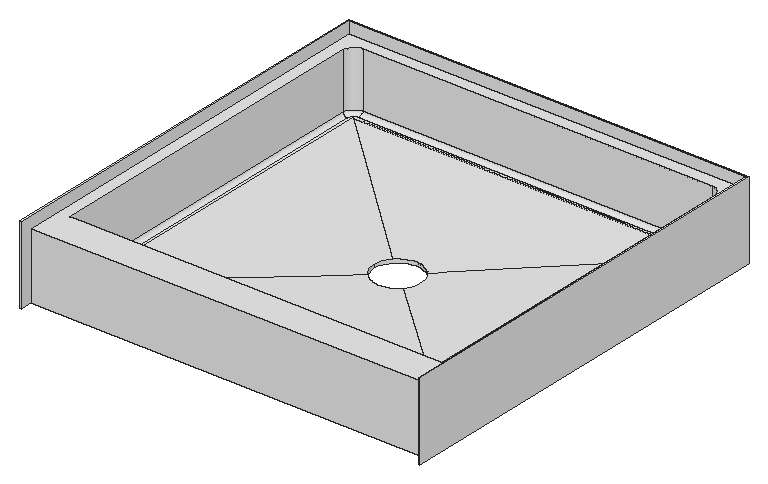
Revit family "P3636", category Plumbing Fixtures, Revit 2014
Parameters (values of type "P3636")
  Unit Width = 3' - 0"
  Unit Height = 0' - 7"
  URL = "http://www.best-bath.com/"
  Type Comments = "Remodeler"
  Model = "P3636"
  Material [instance] = Best Bath Gelcoat Fiberglass - Smooth
  Manufacturer = "Best Bath Systems, Inc."
  Keynote = "22 40 00.B3"
  Description = "Shower Pan"
  Assembly Code = "D2010710"
Reference planes (in)
  plane 1 "Back": y = -6.5
  plane 2: z = 0
  plane 3 "Left": x = 0
  plane 4: x = 36
  plane 5: z = 6
  plane 6: z = 7
  plane 7: x = 18
  plane 8: y = 29.5
  plane 9: y = 12.5
  plane 10: x = 1.25
  plane 11: x = 34.75
  plane 12: y = 28.25
  plane 13: z = 0.625
  plane 14: z = 0.25
  plane 15: y = -7.5
Forms (in)
  Extrusion 1, solid, material "Best Bath Gelcoat Fiberglass - Smooth"
    sketch origin (0, 0, 0) x (1, 0, 0) y (0, 1, 0)
      loop
        line (0, -6.5) -> (1.25, -6.5) -> (1.25, 27.25)
        arc (1.25, 27.25) -> (1.54289, 27.95711) -> (2.25, 28.25) r 1
        line (2.25, 28.25) -> (33.75, 28.25)
        arc (33.75, 28.25) -> (34.45711, 27.95711) -> (34.75, 27.25) r 1
        line (34.75, 27.25) -> (34.75, -6.5) -> (36, -6.5) -> (36, 29.5) -> (0, 29.5) -> (0, -6.5)
    from 0 to 6
  Extrusion 2, solid, material "Best Bath Gelcoat Fiberglass - Smooth"
    sketch origin (0, 0, 0) x (1, 0, 0) y (0, 1, 0)
      loop
        line (0, -6.5) -> (36, -6.5) -> (36, 29.5) -> (0, 29.5) -> (0, -6.5)
      loop
        circle (18, 12.5) r 2.125
    from 0 to 0.625
  Sweep 3, solid, material "Best Bath Gelcoat Fiberglass - Smooth"
    path origin (0, 0, 0) x (1, 0, 0) y (0, 1, 0)
      loop
        line (34.75, -6.5) -> (34.75, 27.25)
        arc (34.75, 27.25) -> (34.45711, 27.95711) -> (33.75, 28.25) r 1
        line (33.75, 28.25) -> (2.25, 28.25)
        arc (2.25, 28.25) -> (1.54289, 27.95711) -> (1.25, 27.25) r 1
        line (1.25, 27.25) -> (1.25, -6.5)
    profile origin (1.25, 10.375, 0) x (1, 0, 0) y (0, 0, 1)
      loop
        line (0, 0.625) -> (0.375, 0.625)
        arc (0.375, 0.625) -> (0.10983, 0.73483) -> (0, 1) r 0.375
        line (0, 1) -> (0, 0.625)
  Blend 4, void
    base sketch origin (0, 0, 0) x (1, 0, 0) y (0, 1, 0)
      loop
        line (1.875, -2.4853) -> (34.125, -2.4853) -> (34.125, 27.625) -> (1.875, 27.625) -> (1.875, -2.4853)
    top sketch origin (0, 0, 0) x (1, 0, 0) y (0, 1, 0)
      loop
        circle (18, 12.5) r 0.10467
    from 0.625 to 0.25
  Sweep 5, solid, material "Best Bath Gelcoat Fiberglass - Smooth"
    path origin (0, 0, 0) x (1, 0, 0) y (0, 1, 0)
      loop
        line (1.25, -6.5) -> (34.75, -6.5)
    profile origin (18, -6.5, 0) x (0, 1, 0) y (0, 0, 1)
      loop
        line (0, 6) -> (0, 0) -> (4.11592, 0) -> (3.00305, 6) -> (0, 6)
  Extrusion 6, solid, material "Best Bath Gelcoat Fiberglass - Smooth"
    sketch origin (0, 0, 0) x (1, 0, 0) y (0, 1, 0)
      loop
        line (0, -7.5) -> (0.125, -7.5) -> (0.125, 29.375) -> (35.875, 29.375) -> (35.875, -7.5) -> (36, -7.5) -> (36, 29.5) -> (0, 29.5) -> (0, -7.5)
    from 0 to 7
Cuts and joins
  Blend 4 cuts Extrusion 1
  Blend 4 cuts Extrusion 2
  Blend 4 cuts Sweep 3
  joined: Extrusion 1, Extrusion 2, Sweep 3, Sweep 5, Extrusion 6
Dimensions and locks (in)
  "Unit Width": plane 3 "Left" to plane 4
  locked: plane 6 to plane 5 at 1
  "Unit Height": plane 6 to level
  equal spacing: plane 3 "Left", plane 7, plane 4
  locked: plane 8 to plane 12 at 1.25
  locked: plane 11 to plane 4 at 1.25
  locked: plane 3 "Left" to plane 10 at 1.25
  plane 8 to plane 9 = 1' - 5"
  locked: plane 13 to plane 14 at 0.375
  locked: plane 13 to level at 0.625
  locked: plane 15 to plane 1 "Back" at 1
  locked: plane 8 to plane 15 at 37
  aligned and locked: level to plane 2
  aligned and locked: plane 9 to Extrusion 2 sketch curve
  aligned and locked: plane 7 to Extrusion 2 sketch curve
  aligned and locked: Sweep 3 to plane 13
  aligned and locked: Sweep 3 sketch curve to plane 13
  aligned and locked: plane 13 to Extrusion 2
  aligned and locked: plane 9 to Blend 4 sketch curve
  aligned and locked: plane 7 to Blend 4 sketch curve
  aligned and locked: Extrusion 2 to Blend 4
  aligned and locked: Blend 4 to plane 14
  aligned and locked: plane 5 to Extrusion 1
  aligned and locked: plane 5 to Sweep 5
  aligned and locked: plane 6 to Extrusion 6
Automatic sketch dimensions
  plane 1 "Back" to Extrusion 1 sketch curve = 0' - 0"  (x2)
  Extrusion 1 sketch curve to plane 3 "Left" = 0' - 0"
  Extrusion 1 sketch curve to plane 4 = 0' - 0"
  Extrusion 1 sketch curve to plane 8 = 0' - 0"
  Extrusion 1 sketch curve to plane 10 = 0' - 0"
  Extrusion 1 sketch curve to plane 12 = 0' - 0"
  Extrusion 1 sketch curve to plane 11 = 0' - 0"
  Extrusion 1 sketch curve to plane 12 = 0' - 1"
  plane 10 to Extrusion 1 sketch curve = 0' - 1"
  Extrusion 2 sketch curve to plane 4 = 0' - 0"
  Extrusion 2 sketch curve to plane 8 = 0' - 0"
  profile plane to Sweep 3 sketch curve = 0' - 0"
  Sweep 3 sketch curve to profile plane = 0' - 0 3/8"
  Extrusion 2 sketch curve to plane 3 "Left" = 0' - 0"
  plane 1 "Back" to Extrusion 2 sketch curve = 0' - 0"
  Sweep 3 sketch curve to plane 10 = 0' - 0"
  Sweep 3 sketch curve to plane 12 = 0' - 0"
  Sweep 3 sketch curve to plane 11 = 0' - 0"
  Sweep 3 sketch curve to plane 12 = 0' - 1"
  plane 1 "Back" to Sweep 3 sketch curve = 0' - 0"  (x2)
  plane 10 to Sweep 3 sketch curve = 0' - 1"
  plane 1 "Back" to Sweep 5 sketch curve = 0' - 0"
  Sweep 5 sketch curve to plane 10 = 0' - 0"
  Sweep 5 sketch curve to plane 11 = 0' - 0"
  Sweep 5 sketch curve to profile plane = 0' - 0"
  Sweep 5 sketch curve to level = 0' - 0"
  Sweep 5 sketch curve to profile plane = 0' - 3.00305"
  Sweep 5 sketch curve to profile plane = 0' - 4.11592"
  level to Sweep 5 sketch curve = 0' - 6"
  plane 10 to Blend 4 sketch curve = 0' - 0 5/8"
  Blend 4 sketch curve to plane 11 = 0' - 0 5/8"
  Blend 4 sketch curve to plane 1 "Back" = 0' - 4.0147"
  Blend 4 sketch curve to plane 12 = 0' - 0 5/8"
  Extrusion 6 sketch curve to plane 3 "Left" = 0' - 0"
  Extrusion 6 sketch curve to plane 15 = 0' - 0"  (x2)
  Extrusion 6 sketch curve to plane 4 = 0' - 0"
  Extrusion 6 sketch curve to plane 8 = 0' - 0"
  plane 3 "Left" to Extrusion 6 sketch curve = 0' - 0 1/8"
  plane 4 to Extrusion 6 sketch curve = 0' - 0 1/8"
  Extrusion 6 sketch curve to plane 8 = 0' - 0 1/8"
  radius of Extrusion 2 sketch curve = 0' - 2 1/8"
  radius of Blend 4 sketch curve = 0' - 0.10467"
